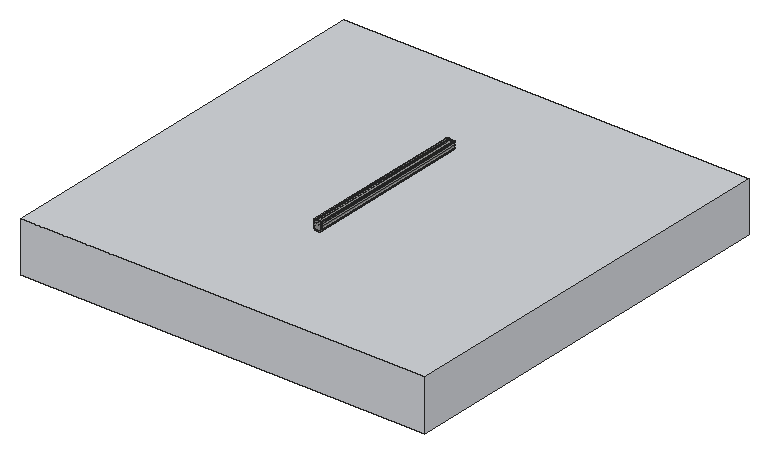
Revit family "L-trade 32 Standart", category Осветительные приборы, Revit 2017
Family settings
  Основа = Грань
  Размер круглого соединителя = Использовать диаметр
  Тип детали = Нормальный
  При загрузке вырезать с полостями = Нет
  Источник света = Да
  Общий = Нет
  Точка расчета площади = Нет
Parameters (values of type "L-trade 32 Standart 5.0K")
  Цветовая температура = 5000 K
  Световой поток светильника = Lumens  # 3024 lm
  Расстояние от светильника до поверхности = 100 mm
  Описание = "Универсальный светодиодный светильник L-trade 32 Standart предназначен для освещения торговых залов, промышленных помещений, логистических центров, магазинов, спортивных сооружений и т.д."
  Lamp = ""
  Кривая сил света = "Д"
  Комментарии к типоразмеру = "Торговые"
  Wattage Comments = ""
  Wattage = 20.3579 W
  built-in parameter 1150110 = 1 (stored number, unit not read)
  built-in parameter 1114217 = 1 (stored number, unit not read)
  Tilt Angle = 90.00°
  built-in parameter 1150109 = 1 (stored number, unit not read)
  built-in parameter 1150134 = 2
  built-in parameter 1150113 = 1 (stored number, unit not read)
  Файл фотометрической сетки = "L-trade 32-30-D-5.0K-02-Standart.ies"
  built-in parameter 1150142 = "IESNA:LM-63-1995\r\n[TEST]LEDEL\r\n[DATA]28.10.2017\r\n[MANUFAC]LEDEL\r\n[LUMCAT]L-trade 32-30-Д-5.0K-02-Standart\r\n[LUMINAIRE]Для общего внутреннего освещения производственных помещений, торговых залов, складов\r\n[LAMPCAT]LED\r\n[LAMP]OSRAM DURIS \r\nTILT=NONE\r\n\r\n1 3024 0.94618 37 10 1 2 1.037 0.048 0.0565\r\n\r\n1 1 30\r\n\r\n  0 2.5 5 7.5 10 12.5 15 17.5 20 22.5 25 27.5 30 32.5 35 37.5 40 42.5 45 47.5 50 52.5 55 57.5 60 62.5 65 67.5 70 72.5 75 77.5 80 82.5\r\n 85 87.5 90\r\n\r\n 0 10 20 30 40 50 60 70 80 90\r\n  1164 1166 1161 1156 1146 1132 1116 1094 1070 1043 1013 982 947 911 873 835 794 754 712 670 628 584 541 499 457 415 371 330\r\n  286 247 204 164 124 89 60 37 21\r\n  1161 1164 1164 1158 1149 1135 1119 1099 1075 1049 1020 988 954 917 880 840 799 759 717 675 632 590 546 504 460 417 373 331\r\n  290 250 210 171 133 98 67 42 22\r\n  1162 1164 1162 1158 1149 1134 1118 1099 1074 1049 1018 987 954 917 880 840 800 759 717 675 634 590 547 504 461 419 376 333\r\n  290 248 207 164 122 88 56 35 20\r\n  1164 1166 1164 1158 1148 1134 1117 1099 1074 1049 1018 988 954 920 882 844 804 764 722 681 638 599 556 514 470 425 381 335\r\n  292 250 209 171 133 97 66 40 22\r\n  1162 1166 1164 1158 1149 1136 1122 1100 1079 1052 1024 993 959 925 888 849 811 770 729 687 645 602 560 518 473 431 386 342\r\n  301 257 218 177 139 102 67 40 22\r\n  1164 1166 1164 1158 1149 1135 1120 1100 1079 1054 1026 997 964 929 893 855 818 778 737 695 653 611 568 525 482 440 395 351\r\n  308 265 222 180 140 103 69 42 22\r\n  1166 1166 1164 1158 1148 1135 1119 1100 1076 1052 1024 993 961 927 891 853 814 776 735 693 651 608 565 521 477 433 388 342 \r\n  296 248 202 162 122 86 55 31 15\r\n  1166 1166 1164 1158 1148 1135 1119 1100 1077 1052 1024 993 961 927 891 855 815 776 735 693 651 608 564 521 476 433 388 344\r\n  299 256 212 169 126 89 56 31 15\r\n  1166 1166 1164 1158 1150 1137 1123 1105 1083 1058 1032 1003 971 936 900 863 823 782 743 700 660 619 577 534 491 448 402 359\r\n  314 271 227 183 143 103 69 39 20\r\n  1166 1166 1164 1158 1149 1135 1122 1102 1081 1056 1028 999 967 932 897 858 821 781 741 700 657 613 570 527 484 440 395 351\r\n  307 263 221 179 137 98 64 36 19\r\n"
  built-in parameter 1150105 = 240.64 (stored number, unit not read)
  Lumens = 3024 lm
  built-in parameter 1150115 = 1 (stored number, unit not read)
  built-in parameter 1150137 = (empty or 0)
  built-in parameter 1150139 = (empty or 0)
  built-in parameter 1150112 = 1 (stored number, unit not read)
  built-in parameter 1150114 = 1 (stored number, unit not read)
  built-in parameter 1150132 = 2
  Классификация нагрузок = Освещение
  built-in parameter 1150102 = (empty or 0)
  built-in parameter 1150107 = 5000 (stored number, unit not read)
  built-in parameter 1150138 = (empty or 0)
  built-in parameter 1150106 = 2.4064 (stored number, unit not read)
  Emit from Rectangle Width = 37.9 mm
  Emit from Rectangle Length = 985 mm
  Manufacturer = ""
  Длина профиля = Emit from Rectangle Length + 15 mm  # 1000 mm
  Emit Shape Visible in Rendering = no
  built-in parameter 1150104 = 13.8 (stored number, unit not read)
  Dimming Lamp Color Temperature Shift = (empty or 0)
  Default Elevation = 1219.2 mm
  Color Filter = 16777215
  built-in parameter 1114218 = 1 (stored number, unit not read)
  built-in parameter 1150133 = 10 (stored number, unit not read)
  Apparent Load = 30 VA  # constant formula
  Артикул = "221012"
Types (2, lengths in mm): name | Цветовая температура | built-in parameter 1150134 | Файл фотометрической сетки | built-in parameter 1150142 | built-in parameter 1150107 | Manufacturer | Артикул
  L-trade 32 Standart 4.0K | 4000 K | 12 | "L-trade 32-30-D-4.0K-02-Standart.ies" | "IESNA:LM-63-1995\r\n[TEST]LEDEL\r\n[DATA]28.10.2017\r\n[MANUFAC]LEDEL\r\n[LUMCAT]L-trade 32-30-Д-4.0K-02-Standart\r\n[LUMINAIRE]Для общего внутреннего освещения производственных помещений, торговых залов, складов\r\n[LAMPCAT]LED\r\n[LAMP]OSRAM DURIS \r\nTILT=NONE\r\n\r\n1 3024 0.94618 37 10 1 2 1.037 0.048 0.0565\r\n\r\n1 1 30\r\n\r\n  0 2.5 5 7.5 10 12.5 15 17.5 20 22.5 25 27.5 30 32.5 35 37.5 40 42.5 45 47.5 50 52.5 55 57.5 60 62.5 65 67.5 70 72.5 75 77.5 80 82.5\r\n 85 87.5 90\r\n\r\n 0 10 20 30 40 50 60 70 80 90\r\n  1164 1166 1161 1156 1146 1132 1116 1094 1070 1043 1013 982 947 911 873 835 794 754 712 670 628 584 541 499 457 415 371 330\r\n  286 247 204 164 124 89 60 37 21\r\n  1161 1164 1164 1158 1149 1135 1119 1099 1075 1049 1020 988 954 917 880 840 799 759 717 675 632 590 546 504 460 417 373 331\r\n  290 250 210 171 133 98 67 42 22\r\n  1162 1164 1162 1158 1149 1134 1118 1099 1074 1049 1018 987 954 917 880 840 800 759 717 675 634 590 547 504 461 419 376 333\r\n  290 248 207 164 122 88 56 35 20\r\n  1164 1166 1164 1158 1148 1134 1117 1099 1074 1049 1018 988 954 920 882 844 804 764 722 681 638 599 556 514 470 425 381 335\r\n  292 250 209 171 133 97 66 40 22\r\n  1162 1166 1164 1158 1149 1136 1122 1100 1079 1052 1024 993 959 925 888 849 811 770 729 687 645 602 560 518 473 431 386 342\r\n  301 257 218 177 139 102 67 40 22\r\n  1164 1166 1164 1158 1149 1135 1120 1100 1079 1054 1026 997 964 929 893 855 818 778 737 695 653 611 568 525 482 440 395 351\r\n  308 265 222 180 140 103 69 42 22\r\n  1166 1166 1164 1158 1148 1135 1119 1100 1076 1052 1024 993 961 927 891 853 814 776 735 693 651 608 565 521 477 433 388 342 \r\n  296 248 202 162 122 86 55 31 15\r\n  1166 1166 1164 1158 1148 1135 1119 1100 1077 1052 1024 993 961 927 891 855 815 776 735 693 651 608 564 521 476 433 388 344\r\n  299 256 212 169 126 89 56 31 15\r\n  1166 1166 1164 1158 1150 1137 1123 1105 1083 1058 1032 1003 971 936 900 863 823 782 743 700 660 619 577 534 491 448 402 359\r\n  314 271 227 183 143 103 69 39 20\r\n  1166 1166 1164 1158 1149 1135 1122 1102 1081 1056 1028 999 967 932 897 858 821 781 741 700 657 613 570 527 484 440 395 351\r\n  307 263 221 179 137 98 64 36 19\r\n" | 4000 (stored number, unit not read) | "LEDEL" | "312103000842100"
  L-trade 32 Standart 5.0K | 5000 K | 2 | "L-trade 32-30-D-5.0K-02-Standart.ies" | "IESNA:LM-63-1995\r\n[TEST]LEDEL\r\n[DATA]28.10.2017\r\n[MANUFAC]LEDEL\r\n[LUMCAT]L-trade 32-30-Д-5.0K-02-Standart\r\n[LUMINAIRE]Для общего внутреннего освещения производственных помещений, торговых залов, складов\r\n[LAMPCAT]LED\r\n[LAMP]OSRAM DURIS \r\nTILT=NONE\r\n\r\n1 3024 0.94618 37 10 1 2 1.037 0.048 0.0565\r\n\r\n1 1 30\r\n\r\n  0 2.5 5 7.5 10 12.5 15 17.5 20 22.5 25 27.5 30 32.5 35 37.5 40 42.5 45 47.5 50 52.5 55 57.5 60 62.5 65 67.5 70 72.5 75 77.5 80 82.5\r\n 85 87.5 90\r\n\r\n 0 10 20 30 40 50 60 70 80 90\r\n  1164 1166 1161 1156 1146 1132 1116 1094 1070 1043 1013 982 947 911 873 835 794 754 712 670 628 584 541 499 457 415 371 330\r\n  286 247 204 164 124 89 60 37 21\r\n  1161 1164 1164 1158 1149 1135 1119 1099 1075 1049 1020 988 954 917 880 840 799 759 717 675 632 590 546 504 460 417 373 331\r\n  290 250 210 171 133 98 67 42 22\r\n  1162 1164 1162 1158 1149 1134 1118 1099 1074 1049 1018 987 954 917 880 840 800 759 717 675 634 590 547 504 461 419 376 333\r\n  290 248 207 164 122 88 56 35 20\r\n  1164 1166 1164 1158 1148 1134 1117 1099 1074 1049 1018 988 954 920 882 844 804 764 722 681 638 599 556 514 470 425 381 335\r\n  292 250 209 171 133 97 66 40 22\r\n  1162 1166 1164 1158 1149 1136 1122 1100 1079 1052 1024 993 959 925 888 849 811 770 729 687 645 602 560 518 473 431 386 342\r\n  301 257 218 177 139 102 67 40 22\r\n  1164 1166 1164 1158 1149 1135 1120 1100 1079 1054 1026 997 964 929 893 855 818 778 737 695 653 611 568 525 482 440 395 351\r\n  308 265 222 180 140 103 69 42 22\r\n  1166 1166 1164 1158 1148 1135 1119 1100 1076 1052 1024 993 961 927 891 853 814 776 735 693 651 608 565 521 477 433 388 342 \r\n  296 248 202 162 122 86 55 31 15\r\n  1166 1166 1164 1158 1148 1135 1119 1100 1077 1052 1024 993 961 927 891 855 815 776 735 693 651 608 564 521 476 433 388 344\r\n  299 256 212 169 126 89 56 31 15\r\n  1166 1166 1164 1158 1150 1137 1123 1105 1083 1058 1032 1003 971 936 900 863 823 782 743 700 660 619 577 534 491 448 402 359\r\n  314 271 227 183 143 103 69 39 20\r\n  1166 1166 1164 1158 1149 1135 1122 1102 1081 1056 1028 999 967 932 897 858 821 781 741 700 657 613 570 527 484 440 395 351\r\n  307 263 221 179 137 98 64 36 19\r\n" | 5000 (stored number, unit not read) | "" | "221012"
Reference planes
  plane 1 "Center (Front/Back)": y = 0
  plane 2: z = 0
  plane 3 "Center (Left/Right)": x = 0
Forms (mm)
  Extrusion 1, solid
    sketch origin (0, 0, 0) x (1, 0, 0) y (0, 1, 0)
      loop
        line (-1219.2, 1219.2) -> (-1219.2, -1219.2) -> (1219.2, -1219.2) -> (1219.2, 1219.2) -> (-1219.2, 1219.2)
    from 0 to -304.8
Dimensions and locks
  "Расстояние от светильника до поверхности": imposter light to Extrusion 1
  aligned and locked: plane 2 to Extrusion 1
  aligned and locked: level to Extrusion 1
Automatic sketch dimensions
  Extrusion 1 sketch curve to Extrusion 1 sketch curve = 2438.4 mm  (x2)
Nested families
  nested 1: "L-trade_body" at (0, 0, 0), type "L-trade_body"
Connectors
  electrical at (0, 0, 0), driven by "Apparent Load", driven by "Классификация нагрузок"
    settings: on Extrusion 1, index 1, voltage 230 V, apparent load 0 VA, apparent load phase1 30 VA, apparent load phase2 0 VA, apparent load phase3 0 VA, power factor 1, load classification "Освещение", number of poles 1, system type 31, power factor state 1, is connector primary yes, connector utility no, sub classification motor no, connector description ""
Definition of nested family "L-trade_body"
  Parameters (values of type "L-trade_body")
    Тип торцевой крышки = Trade Standart : Trade Standart
    Расстояние от светильника до плоскости = 55.991 mm
    Default Elevation = 1219.2 mm
    Начало выдавливания = Длина профиля / 2 * (-1)  # -250 mm
    Конец выдавливания = Длина профиля / 2  # 250 mm
    Длина профиля = 500 mm
  Reference planes
    plane 1 "По центру (Вперед/Назад)": y = 0
    plane 2: z = 0
    plane 3 "По центру (Влево/Вправо)": x = 0
    plane 4 "Плоскость расположения светильника": z = 55.991
  Forms (mm)
    Extrusion 1, solid
      sketch origin (0, 0, 0) x (1, 0, 0) y (0, 1, 0)
        loop
          line (-1219.2, 1219.2) -> (-1219.2, -1219.2) -> (1219.2, -1219.2) -> (1219.2, 1219.2) -> (-1219.2, 1219.2)
      from 0 to -304.8
    Extrusion 2, solid
      sketch origin (-0.012, 0, 76.46) x (0, 0, 1) y (1, 0, 0)
        loop
          arc (-59.25, -24.005) -> (-52.269, -20.15) -> (-45.287, -24.005) r 8.25
          arc (-45.287, -24.005) -> (-39.588, -21.546) -> (-34.671, -17.758) r 25
          arc (-34.671, -17.758) -> (-33.593, -19.381) -> (-31.769, -20) r 3
          line (-31.769, -20) -> (-31.747, -18.485)
          arc (-31.747, -18.485) -> (-32.827, -15.957) -> (-30.283, -17) r 1.486
          line (-30.283, -17) -> (-28.946, -18.017)
          arc (-28.946, -18.017) -> (-28.836, -17.633) -> (-28.778, -17.238) r 3
          arc (-28.778, -17.238) -> (-28.264, -17.566) -> (-27.736, -17.872) r 15
          arc (-27.736, -17.872) -> (-28.629, -21.6) -> (-25.469, -23.771) r 3.385
          line (-25.469, -23.771) -> (-20.469, -23.771) -> (-20.469, -21.96) -> (-20.469, -18.959) -> (-21.47, -18.959) -> (-21.47, -21.96) -> (-25.469, -21.96)
          arc (-25.469, -21.96) -> (-26.945, -20.195) -> (-24.946, -19.054) r 1.5
          line (-24.946, -19.054) -> (-24.946, -17.462)
          arc (-24.946, -17.462) -> (-28.28, -15.733) -> (-31.007, -13.151) r 13.477
          arc (-31.007, -13.151) -> (-31.597, -12.352) -> (-32.126, -11.512) r 13.477
          arc (-32.126, -11.512) -> (-33.542, -8.026) -> (-33.938, -4.283) r 13.477
          line (-33.938, -4.283) -> (-34.93, -4.283) -> (-34.93, -5.255) -> (-36.043, -5.255) -> (-36.043, 0) -> (-36.043, 5.255) -> (-34.93, 5.255) -> (-34.93, 4.283) -> (-33.938, 4.283)
          arc (-33.938, 4.283) -> (-33.542, 8.026) -> (-32.126, 11.512) r 13.477
          arc (-32.126, 11.512) -> (-31.597, 12.352) -> (-31.007, 13.151) r 13.477
          arc (-31.007, 13.151) -> (-28.28, 15.733) -> (-24.946, 17.462) r 13.477
          line (-24.946, 17.462) -> (-24.946, 19.054)
          arc (-24.946, 19.054) -> (-26.945, 20.195) -> (-25.469, 21.96) r 1.5
          line (-25.469, 21.96) -> (-21.47, 21.96) -> (-21.47, 18.959) -> (-20.469, 18.959) -> (-20.469, 21.96) -> (-20.469, 23.771) -> (-25.469, 23.771)
          arc (-25.469, 23.771) -> (-28.629, 21.6) -> (-27.736, 17.872) r 3.385
          arc (-27.736, 17.872) -> (-28.264, 17.566) -> (-28.778, 17.238) r 15
          arc (-28.778, 17.238) -> (-28.836, 17.633) -> (-28.946, 18.017) r 3
          line (-28.946, 18.017) -> (-30.283, 17)
          arc (-30.283, 17) -> (-32.819, 15.949) -> (-31.769, 18.486) r 1.486
          line (-31.769, 18.486) -> (-31.769, 20)
          arc (-31.769, 20) -> (-33.603, 19.374) -> (-34.671, 17.758) r 3
          arc (-34.671, 17.758) -> (-39.588, 21.546) -> (-45.287, 24.005) r 25
          arc (-45.287, 24.005) -> (-52.269, 20.15) -> (-59.25, 24.005) r 8.25
          arc (-59.25, 24.005) -> (-64.079, 22.034) -> (-68.395, 19.104) r 25
          line (-68.395, 19.104) -> (-69.102, 17.807)
          arc (-69.102, 17.807) -> (-68.597, 17.356) -> (-68.344, 16.728) r 1.489
          arc (-68.344, 16.728) -> (-68.731, 15.48) -> (-69.953, 15.017) r 1.489
          arc (-69.953, 15.017) -> (-71.216, 15.994) -> (-70.869, 17.553) r 1.489
          line (-70.869, 17.553) -> (-71.913, 18.598)
          arc (-71.913, 18.598) -> (-72.763, 16.832) -> (-72.327, 14.922) r 2.966
          arc (-72.327, 14.922) -> (-75.219, 9.913) -> (-76.883, 4.375) r 25
          line (-76.883, 4.375) -> (-76.883, 2.61) -> (-75.101, 2.61) -> (-75.101, 4.112) -> (-71.169, 4.112) -> (-71.169, 0) -> (-71.169, -4.112) -> (-75.101, -4.112) -> (-75.101, -2.61) -> (-76.883, -2.61) -> (-76.883, -4.375)
          arc (-76.883, -4.375) -> (-75.219, -9.913) -> (-72.327, -14.922) r 25
          arc (-72.327, -14.922) -> (-72.763, -16.832) -> (-71.913, -18.598) r 2.966
          line (-71.913, -18.598) -> (-70.869, -17.553)
          arc (-70.869, -17.553) -> (-71.216, -15.994) -> (-69.953, -15.017) r 1.489
          arc (-69.953, -15.017) -> (-68.731, -15.48) -> (-68.344, -16.728) r 1.489
          arc (-68.344, -16.728) -> (-68.597, -17.356) -> (-69.102, -17.807) r 1.489
          line (-69.102, -17.807) -> (-68.395, -19.104)
          arc (-68.395, -19.104) -> (-64.079, -22.034) -> (-59.25, -24.005) r 25
        loop
          arc (-59.931, -21.898) -> (-52.269, -18.35) -> (-44.606, -21.898) r 10.05
          arc (-44.606, -21.898) -> (-38.092, -18.365) -> (-33.024, -12.957) r 23.2
          arc (-33.024, -12.957) -> (-34.527, -9.982) -> (-35.335, -6.748) r 15
          line (-35.335, -6.748) -> (-37.561, -6.748) -> (-37.561, 0) -> (-37.561, 6.748) -> (-35.335, 6.748)
          arc (-35.335, 6.748) -> (-34.527, 9.982) -> (-33.024, 12.957) r 15
          arc (-33.024, 12.957) -> (-38.092, 18.365) -> (-44.606, 21.898) r 23.2
          arc (-44.606, 21.898) -> (-52.269, 18.35) -> (-59.931, 21.898) r 10.05
          arc (-59.931, 21.898) -> (-63.725, 20.174) -> (-67.149, 17.799) r 23.2
          arc (-67.149, 17.799) -> (-67.655, 14.468) -> (-70.949, 13.759) r 2.966
          arc (-70.949, 13.759) -> (-73.267, 9.864) -> (-74.784, 5.594) r 23.2
          line (-74.784, 5.594) -> (-69.669, 5.594) -> (-69.669, 0) -> (-69.669, -5.594) -> (-74.784, -5.594)
          arc (-74.784, -5.594) -> (-73.267, -9.864) -> (-70.949, -13.759) r 23.2
          arc (-70.949, -13.759) -> (-67.655, -14.468) -> (-67.149, -17.799) r 2.966
          arc (-67.149, -17.799) -> (-63.725, -20.174) -> (-59.931, -21.898) r 23.2
      from -250 <- "Начало выдавливания" to 250 <- "Конец выдавливания"
    Extrusion 3, solid
      sketch origin (-0.012, 0.083, 76.46) x (-1, 0, 0) y (0, 0, -1)
        loop
          line (21.96, 21.47) -> (21.96, 24.47) -> (-21.96, 24.47) -> (-21.96, 21.47) -> (21.96, 21.47)
      from -250 <- "Начало выдавливания" to 250 <- "Конец выдавливания"
  Dimensions and locks
    "Расстояние от светильника до плоскости": plane 4 "Плоскость расположения светильника" to Extrusion 1
    aligned and locked: plane 2 to Extrusion 1
    aligned and locked: level to Extrusion 1
  Automatic sketch dimensions
    Extrusion 1 sketch curve to Extrusion 1 sketch curve = 2438.4 mm  (x2)
    Extrusion 2 sketch curve to Extrusion 2 sketch curve = 0 mm  (x233)
    Extrusion 2 sketch curve to plane 4 "Плоскость расположения светильника" = 0 mm  (x4)
    Extrusion 2 sketch curve to Extrusion 2 sketch curve = 1.002 mm
    Extrusion 2 sketch curve to plane 4 "Плоскость расположения светильника" = 1.002 mm
    Extrusion 2 sketch curve to Extrusion 2 sketch curve = 3.475 mm  (x2)
    Extrusion 2 sketch curve to Extrusion 2 sketch curve = 0.523 mm  (x2)
    Extrusion 2 sketch curve to Extrusion 2 sketch curve = 4.001 mm  (x2)
    Extrusion 2 sketch curve to Extrusion 2 sketch curve = 1.337 mm  (x2)
    Extrusion 2 sketch curve to Extrusion 2 sketch curve = 1.486 mm  (x2)
    plane 3 "По центру (Влево/Вправо)" to Extrusion 2 sketch curve = 4.272 mm
    Extrusion 2 sketch curve to Extrusion 2 sketch curve = 2.169 mm
    Extrusion 2 sketch curve to plane 3 "По центру (Влево/Вправо)" = 4.295 mm
    Extrusion 2 sketch curve to Extrusion 2 sketch curve = 0.992 mm  (x2)
    Extrusion 2 sketch curve to Extrusion 2 sketch curve = 0.405 mm  (x2)
    Extrusion 2 sketch curve to Extrusion 2 sketch curve = 1.113 mm
    Extrusion 2 sketch curve to Extrusion 2 sketch curve = 1.518 mm
    Extrusion 2 sketch curve to plane 3 "По центру (Влево/Вправо)" = 0.012 mm  (x5)
    Extrusion 2 sketch curve to Extrusion 2 sketch curve = 14.707 mm
    Extrusion 2 sketch curve to Extrusion 2 sketch curve = 20.5 mm  (x2)
    Extrusion 2 sketch curve to Extrusion 2 sketch curve = 16.126 mm  (x2)
    Extrusion 2 sketch curve to Extrusion 2 sketch curve = 0.708 mm  (x2)
    plane 3 "По центру (Влево/Вправо)" to Extrusion 2 sketch curve = 5.582 mm
    Extrusion 2 sketch curve to Extrusion 2 sketch curve = 0.566 mm
    Extrusion 2 sketch curve to Extrusion 2 sketch curve = 0.713 mm  (x2)
    Extrusion 2 sketch curve to Extrusion 2 sketch curve = 1.053 mm  (x3)
    Extrusion 2 sketch curve to Extrusion 2 sketch curve = 1.5 mm
    Extrusion 2 sketch curve to Extrusion 2 sketch curve = 1.045 mm  (x4)
    Extrusion 2 sketch curve to plane 3 "По центру (Влево/Вправо)" = 18.609 mm
    Extrusion 2 sketch curve to Extrusion 2 sketch curve = 3.615 mm  (x2)
    Extrusion 2 sketch curve to Extrusion 2 sketch curve = 0.317 mm  (x2)
    Extrusion 2 sketch curve to Extrusion 2 sketch curve = 1.782 mm  (x2)
    Extrusion 2 sketch curve to plane 3 "По центру (Влево/Вправо)" = 18.971 mm
    Extrusion 2 sketch curve to Extrusion 2 sketch curve = 0.095 mm
    Extrusion 2 sketch curve to Extrusion 2 sketch curve = 0.506 mm
    Extrusion 2 sketch curve to Extrusion 2 sketch curve = 1.331 mm  (x2)
    Extrusion 2 sketch curve to Extrusion 2 sketch curve = 0.075 mm  (x2)
    Extrusion 2 sketch curve to Extrusion 2 sketch curve = 1.81 mm  (x2)
    Extrusion 2 sketch curve to Extrusion 2 sketch curve = 9.296 mm  (x2)
    Extrusion 2 sketch curve to Extrusion 2 sketch curve = 1.037 mm
    Extrusion 2 sketch curve to Extrusion 2 sketch curve = 1.297 mm  (x2)
    Extrusion 2 sketch curve to Extrusion 2 sketch curve = 1.593 mm  (x2)
    Extrusion 2 sketch curve to Extrusion 2 sketch curve = 1.017 mm  (x2)
    Extrusion 2 sketch curve to Extrusion 2 sketch curve = 2.464 mm
    Extrusion 2 sketch curve to plane 3 "По центру (Влево/Вправо)" = 5.606 mm
    Extrusion 2 sketch curve to Extrusion 2 sketch curve = 0.971 mm  (x2)
    Extrusion 2 sketch curve to Extrusion 2 sketch curve = 1.219 mm
    Extrusion 2 sketch curve to Extrusion 2 sketch curve = 1.482 mm  (x2)
    Extrusion 2 sketch curve to Extrusion 2 sketch curve = 1.502 mm
    plane 3 "По центру (Влево/Вправо)" to Extrusion 2 sketch curve = 2.598 mm
    Extrusion 2 sketch curve to Extrusion 2 sketch curve = 1.765 mm
    plane 3 "По центру (Влево/Вправо)" to Extrusion 2 sketch curve = 4.738 mm
    Extrusion 2 sketch curve to Extrusion 2 sketch curve = 1.493 mm
    Extrusion 2 sketch curve to Extrusion 2 sketch curve = 10.906 mm
    Extrusion 2 sketch curve to Extrusion 2 sketch curve = 0.462 mm
    Extrusion 2 sketch curve to Extrusion 2 sketch curve = 1.497 mm
    Extrusion 2 sketch curve to Extrusion 2 sketch curve = 1.514 mm
    Extrusion 2 sketch curve to Extrusion 2 sketch curve = 1.21 mm  (x2)
    Extrusion 2 sketch curve to Extrusion 2 sketch curve = 0.724 mm  (x2)
    Extrusion 2 sketch curve to Extrusion 2 sketch curve = 0.024 mm  (x2)
    Extrusion 2 sketch curve to Extrusion 2 sketch curve = 0.021 mm
    Extrusion 2 sketch curve to Extrusion 2 sketch curve = 1.119 mm  (x2)
    Extrusion 2 sketch curve to Extrusion 2 sketch curve = 0.898 mm  (x2)
    Extrusion 2 sketch curve to Extrusion 2 sketch curve = 2.903 mm  (x2)
    Extrusion 2 sketch curve to Extrusion 2 sketch curve = 7.663 mm  (x2)
    Extrusion 2 sketch curve to Extrusion 2 sketch curve = 0.681 mm  (x4)
    Extrusion 2 sketch curve to Extrusion 2 sketch curve = 6.982 mm
    Extrusion 2 sketch curve to Extrusion 2 sketch curve = 1.246 mm  (x2)
    Extrusion 2 sketch curve to Extrusion 2 sketch curve = 0.758 mm  (x2)
    Extrusion 2 sketch curve to Extrusion 2 sketch curve = 0.137 mm  (x2)
    Extrusion 3 sketch curve to plane 4 "Плоскость расположения светильника" = 1.002 mm
    plane 3 "По центру (Влево/Вправо)" to Extrusion 3 sketch curve = 21.949 mm
    Extrusion 3 sketch curve to plane 4 "Плоскость расположения светильника" = 4.002 mm
    Extrusion 3 sketch curve to plane 3 "По центру (Влево/Вправо)" = 21.972 mm
  Nested families
    nested 1: "Trade Standart" at (0.555, 0.024, 0), type <- "Тип торцевой крышки", type "Trade Standart"
      with Расстояние до плоскости 55.991 mm, Начало профиля 250 mm, Конец профиля 250 mm
    nested 2: "Trade Standart" at (0.452, 0, 0), type <- "Тип торцевой крышки", type "Trade Standart"
      with Расстояние до плоскости 55.991 mm, Начало профиля 250 mm, Конец профиля 250 mm
  Definition of nested family "Trade Standart"
    Parameters (values of type "Trade Standart")
      Расстояние до плоскости = 150 mm
      Default Elevation = 1219.2 mm
      Начало профиля = 249.976 mm
      Конец профиля = 250.024 mm
    Reference planes
      plane 1 "По центру (Вперед/Назад)": y = 0
      plane 2: z = 0
      plane 3 "По центру (Влево/Вправо)": x = 0
      plane 4 "Плоскость светильника": z = 150
    Forms (mm)
      Extrusion 1, solid
        sketch origin (0, 0, 0) x (1, 0, 0) y (0, 1, 0)
          loop
            line (-1219.2, 1219.2) -> (-1219.2, -1219.2) -> (1219.2, -1219.2) -> (1219.2, 1219.2) -> (-1219.2, 1219.2)
        from 0 to -304.8
      Extrusion 2, solid
        sketch origin (-19.367, -250.024, 150) x (1, 0, 0) y (0, 0, 1)
          loop
            arc (33.722, -51.859) -> (35.632, -52.295) -> (37.398, -51.445) r 2.966
            arc (37.398, -51.445) -> (38.236, -49.77) -> (37.904, -47.926) r 2.966
            arc (37.904, -47.926) -> (40.834, -43.611) -> (42.805, -38.782) r 25
            arc (42.805, -38.782) -> (38.95, -31.8) -> (42.805, -24.818) r 8.25
            arc (42.805, -24.818) -> (40.346, -19.12) -> (36.558, -14.203) r 25
            arc (36.558, -14.203) -> (38.174, -13.134) -> (38.8, -11.3) r 3
            arc (38.8, -11.3) -> (38.255, -9.575) -> (36.817, -8.478) r 3
            arc (36.817, -8.478) -> (36.433, -8.368) -> (36.038, -8.309) r 3
            arc (36.038, -8.309) -> (36.366, -7.795) -> (36.672, -7.268) r 15
            arc (36.672, -7.268) -> (40.4, -8.16) -> (42.571, -5) r 3.385
            line (42.571, -5) -> (42.571, 0) -> (40.76, 0) -> (37.759, 0) -> (-0.159, 0) -> (-3.16, 0) -> (-4.971, 0) -> (-4.971, -5)
            arc (-4.971, -5) -> (-2.8, -8.16) -> (0.928, -7.268) r 3.385
            arc (0.928, -7.268) -> (1.234, -7.795) -> (1.562, -8.309) r 15
            arc (1.562, -8.309) -> (1.167, -8.368) -> (0.783, -8.478) r 3
            arc (0.783, -8.478) -> (-0.655, -9.575) -> (-1.2, -11.3) r 3
            arc (-1.2, -11.3) -> (-0.574, -13.134) -> (1.042, -14.203) r 3
            arc (1.042, -14.203) -> (-2.746, -19.12) -> (-5.205, -24.818) r 25
            arc (-5.205, -24.818) -> (-1.35, -31.8) -> (-5.205, -38.782) r 8.25
            arc (-5.205, -38.782) -> (-3.234, -43.611) -> (-0.304, -47.926) r 25
            arc (-0.304, -47.926) -> (-0.636, -49.77) -> (0.202, -51.445) r 2.966
            arc (0.202, -51.445) -> (1.968, -52.295) -> (3.878, -51.859) r 2.966
            arc (3.878, -51.859) -> (9.009, -54.803) -> (14.688, -56.46) r 25
            line (14.688, -56.46) -> (14.688, -50.7) -> (18.8, -50.7) -> (22.912, -50.7) -> (22.912, -56.46)
            arc (22.912, -56.46) -> (28.591, -54.803) -> (33.722, -51.859) r 25
        from 0 to 1.5
      Extrusion 3, solid
        sketch origin (18.233, 249.976, 150) x (-1, 0, 0) y (0, 0, 1)
          loop
            arc (3.884, -51.859) -> (9.014, -54.803) -> (14.693, -56.46) r 25
            line (14.693, -56.46) -> (14.693, -50.7) -> (18.805, -50.7) -> (22.917, -50.7) -> (22.917, -56.46)
            arc (22.917, -56.46) -> (28.596, -54.803) -> (33.727, -51.859) r 25
            arc (33.727, -51.859) -> (35.637, -52.295) -> (37.403, -51.445) r 2.966
            arc (37.403, -51.445) -> (38.241, -49.77) -> (37.909, -47.926) r 2.966
            arc (37.909, -47.926) -> (40.839, -43.611) -> (42.81, -38.782) r 25
            arc (42.81, -38.782) -> (38.955, -31.8) -> (42.81, -24.818) r 8.25
            arc (42.81, -24.818) -> (40.351, -19.12) -> (36.563, -14.203) r 25
            arc (36.563, -14.203) -> (38.179, -13.134) -> (38.805, -11.3) r 3
            arc (38.805, -11.3) -> (38.26, -9.575) -> (36.822, -8.478) r 3
            arc (36.822, -8.478) -> (36.438, -8.368) -> (36.043, -8.309) r 3
            arc (36.043, -8.309) -> (36.371, -7.795) -> (36.677, -7.268) r 15
            arc (36.677, -7.268) -> (40.405, -8.16) -> (42.576, -5) r 3.385
            line (42.576, -5) -> (42.576, 0) -> (40.765, 0) -> (37.764, 0) -> (-0.154, 0) -> (-3.155, 0) -> (-4.966, 0) -> (-4.966, -5)
            arc (-4.966, -5) -> (-2.795, -8.16) -> (0.933, -7.268) r 3.385
            arc (0.933, -7.268) -> (1.239, -7.795) -> (1.567, -8.309) r 15
            arc (1.567, -8.309) -> (1.172, -8.368) -> (0.788, -8.478) r 3
            arc (0.788, -8.478) -> (-0.65, -9.575) -> (-1.195, -11.3) r 3
            arc (-1.195, -11.3) -> (-0.569, -13.134) -> (1.047, -14.203) r 3
            arc (1.047, -14.203) -> (-2.741, -19.12) -> (-5.2, -24.818) r 25
            arc (-5.2, -24.818) -> (-1.345, -31.8) -> (-5.2, -38.782) r 8.25
            arc (-5.2, -38.782) -> (-3.229, -43.611) -> (-0.299, -47.926) r 25
            arc (-0.299, -47.926) -> (-0.631, -49.77) -> (0.207, -51.445) r 2.966
            arc (0.207, -51.445) -> (1.973, -52.295) -> (3.884, -51.859) r 2.966
        from 0 to 1.5
      Extrusion 4, solid
        sketch origin (0, -398.223, 150) x (0, -1, 0) y (1, 0, 0)
          loop
            line (-154.699, 18.233) -> (-154.699, -19.367) -> (-148.199, -19.367) -> (-148.199, 18.233) -> (-154.699, 18.233)
          loop
            line (-648.199, -19.367) -> (-641.699, -19.367) -> (-641.699, 18.233) -> (-648.199, 18.233) -> (-648.199, -19.367)
        from 0 to -1
    Dimensions and locks
      "Расстояние до плоскости": plane 4 "Плоскость светильника" to Extrusion 1
      "Конец профиля": plane 1 "По центру (Вперед/Назад)" to Extrusion 4
      "Начало профиля": Extrusion 4 to plane 1 "По центру (Вперед/Назад)"
      aligned and locked: plane 2 to Extrusion 1
      aligned and locked: level to Extrusion 1
    Automatic sketch dimensions
      Extrusion 1 sketch curve to Extrusion 1 sketch curve = 2438.4 mm  (x2)
      Extrusion 4 sketch curve to plane 3 "По центру (Влево/Вправо)" = 19.367 mm  (x2)
      plane 1 "По центру (Вперед/Назад)" to Extrusion 4 sketch curve = 243.524 mm
      Extrusion 4 sketch curve to Extrusion 4 sketch curve = 6.5 mm  (x2)
      plane 3 "По центру (Влево/Вправо)" to Extrusion 4 sketch curve = 18.233 mm  (x2)
      Extrusion 4 sketch curve to plane 1 "По центру (Вперед/Назад)" = 243.476 mm
      Extrusion 2 sketch curve to Extrusion 2 sketch curve = 0 mm  (x46)
      Extrusion 2 sketch curve to Extrusion 4 = 0 mm  (x3)
      Extrusion 2 sketch curve to Extrusion 4 = 9.6 mm
      Extrusion 2 sketch curve to Extrusion 4 = 4.971 mm
      Extrusion 2 sketch curve to Extrusion 2 sketch curve = 1.81 mm
      Extrusion 2 sketch curve to Extrusion 4 = 1.585 mm
      Extrusion 2 sketch curve to Extrusion 4 = 0.159 mm
      Extrusion 4 to Extrusion 2 sketch curve = 1.8 mm
      Extrusion 4 to Extrusion 2 sketch curve = 2.3 mm
      Extrusion 4 to Extrusion 2 sketch curve = 14.05 mm
      Extrusion 2 sketch curve to Extrusion 2 sketch curve = 12.388 mm
      Extrusion 4 to Extrusion 2 sketch curve = 18.8 mm
      Extrusion 2 sketch curve to Extrusion 2 sketch curve = 4.112 mm  (x2)
      Extrusion 2 sketch curve to Extrusion 2 sketch curve = 9.5 mm
      Extrusion 2 sketch curve to Extrusion 4 = 2.3 mm
      Extrusion 2 sketch curve to Extrusion 4 = 1.8 mm
      Extrusion 4 to Extrusion 2 sketch curve = 0.159 mm
      Extrusion 4 to Extrusion 2 sketch curve = 1.585 mm
      Extrusion 2 sketch curve to Extrusion 2 sketch curve = 3.001 mm
      Extrusion 2 sketch curve to Extrusion 2 sketch curve = 3.385 mm
      Extrusion 4 to Extrusion 2 sketch curve = 9.6 mm
      Extrusion 2 sketch curve to Extrusion 4 = 4 mm  (x2)
      Extrusion 2 sketch curve to Extrusion 2 sketch curve = 6.3 mm  (x2)
      Extrusion 2 sketch curve to Extrusion 2 sketch curve = 20.5 mm  (x3)
      Extrusion 2 sketch curve to Extrusion 2 sketch curve = 17.547 mm  (x2)
      Extrusion 2 sketch curve to Extrusion 2 sketch curve = 1.353 mm
      Extrusion 2 sketch curve to Extrusion 2 sketch curve = 5.76 mm  (x2)
      Extrusion 2 sketch curve to Extrusion 4 = 5.205 mm  (x2)
      Extrusion 2 sketch curve to Extrusion 4 = 1.2 mm
      Extrusion 2 sketch curve to Extrusion 4 = 0.304 mm
      Extrusion 4 to Extrusion 2 sketch curve = 0.202 mm
      Extrusion 4 to Extrusion 2 sketch curve = 0.783 mm
      Extrusion 4 to Extrusion 2 sketch curve = 0.928 mm
      Extrusion 4 to Extrusion 2 sketch curve = 1.042 mm
      Extrusion 2 sketch curve to Extrusion 2 sketch curve = 1.578 mm
      Extrusion 2 sketch curve to Extrusion 4 = 1.562 mm
      Extrusion 2 sketch curve to Extrusion 4 = 1.042 mm
      Extrusion 2 sketch curve to Extrusion 4 = 0.928 mm
      Extrusion 2 sketch curve to Extrusion 4 = 0.783 mm
      Extrusion 2 sketch curve to Extrusion 4 = 0.202 mm
      Extrusion 4 to Extrusion 2 sketch curve = 0.304 mm
      Extrusion 4 to Extrusion 2 sketch curve = 5.205 mm
      Extrusion 3 sketch curve to Extrusion 3 sketch curve = 0 mm  (x46)
      Extrusion 3 sketch curve to Extrusion 4 = 0 mm  (x3)
      Extrusion 3 sketch curve to Extrusion 4 = 9.595 mm
      Extrusion 3 sketch curve to Extrusion 4 = 4.966 mm
      Extrusion 3 sketch curve to Extrusion 3 sketch curve = 1.81 mm  (x2)
      Extrusion 3 sketch curve to Extrusion 4 = 1.58 mm
      Extrusion 3 sketch curve to Extrusion 4 = 0.154 mm
      Extrusion 4 to Extrusion 3 sketch curve = 1.805 mm
      Extrusion 4 to Extrusion 3 sketch curve = 2.305 mm
      Extrusion 4 to Extrusion 3 sketch curve = 14.055 mm
      Extrusion 3 sketch curve to Extrusion 3 sketch curve = 12.388 mm
      Extrusion 3 sketch curve to Extrusion 4 = 18.795 mm
      Extrusion 3 sketch curve to Extrusion 3 sketch curve = 4.112 mm  (x2)
      Extrusion 3 sketch curve to Extrusion 3 sketch curve = 9.5 mm
      Extrusion 3 sketch curve to Extrusion 4 = 2.295 mm
      Extrusion 3 sketch curve to Extrusion 4 = 1.795 mm
      Extrusion 4 to Extrusion 3 sketch curve = 0.164 mm
      Extrusion 4 to Extrusion 3 sketch curve = 1.59 mm
      Extrusion 3 sketch curve to Extrusion 3 sketch curve = 3.001 mm
      Extrusion 4 to Extrusion 3 sketch curve = 9.605 mm
      Extrusion 3 sketch curve to Extrusion 4 = 4 mm  (x2)
      Extrusion 3 sketch curve to Extrusion 3 sketch curve = 6.3 mm  (x2)
      Extrusion 3 sketch curve to Extrusion 3 sketch curve = 20.5 mm  (x3)
      Extrusion 3 sketch curve to Extrusion 3 sketch curve = 17.547 mm  (x2)
      Extrusion 3 sketch curve to Extrusion 3 sketch curve = 1.353 mm
      Extrusion 3 sketch curve to Extrusion 3 sketch curve = 5.76 mm  (x2)
      Extrusion 3 sketch curve to Extrusion 4 = 5.2 mm  (x2)
      Extrusion 3 sketch curve to Extrusion 4 = 1.195 mm
      Extrusion 3 sketch curve to Extrusion 4 = 0.299 mm
      Extrusion 4 to Extrusion 3 sketch curve = 0.207 mm
      Extrusion 4 to Extrusion 3 sketch curve = 0.788 mm
      Extrusion 4 to Extrusion 3 sketch curve = 0.933 mm
      Extrusion 4 to Extrusion 3 sketch curve = 1.047 mm
      Extrusion 3 sketch curve to Extrusion 3 sketch curve = 1.578 mm
      Extrusion 3 sketch curve to Extrusion 4 = 1.557 mm
      Extrusion 3 sketch curve to Extrusion 4 = 1.037 mm
      Extrusion 3 sketch curve to Extrusion 4 = 0.923 mm
      Extrusion 3 sketch curve to Extrusion 4 = 0.778 mm
      Extrusion 3 sketch curve to Extrusion 4 = 0.197 mm
      Extrusion 4 to Extrusion 3 sketch curve = 0.309 mm
      Extrusion 4 to Extrusion 3 sketch curve = 5.21 mm
